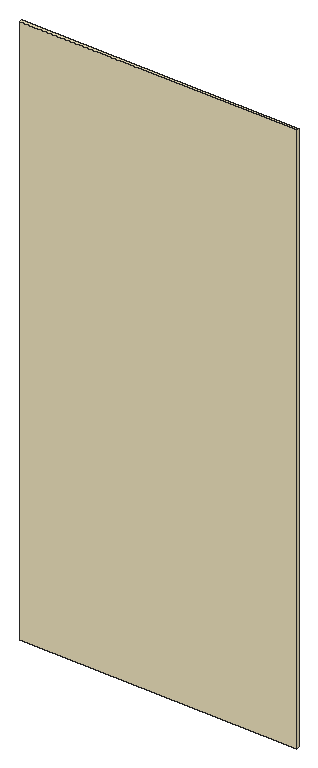
Revit family "American Oak Veneer Chevron", category Generic Models, Revit 2017
Family settings
  Can host rebar = No
  Round Connector Dimension = Use Diameter
  Part Type = Normal
  Work Plane-Based = No
  Always vertical = Yes
  Cut with Voids When Loaded = No
  Shared = Yes
  Room Calculation Point = No
Parameters (values of type "2400 x 1200")
  Raw Finish Code = "EX24 AO-CHE"  # constant formula
  Material = none
  URL = "https://www.easycraft.com.au/products/253/expression-series"
  Panel_width = 1200 mm  # constant formula
  Panel_thickness = 10 mm  # constant formula
  Model = "Expression Series - Chevron"  # constant formula
  Manufacturer = "Easycraft Australia Pty Ltd ph 07 3906 7200"  # constant formula
  Panel_height = 2400 mm  # constant formula
  Description = "American Oak Veneer"  # constant formula
  Clear Finish Code = "EX24 AO-CHE-CF"  # constant formula
  Assembly Code = ""
Reference planes
  plane 1 "Center (Front/Back)": y = 0
  plane 2: z = 0
  plane 3 "Center (Left/Right)": x = 0
  plane 4 "Panel face": y = -10
  plane 5: z = 2400
Forms (mm)
  Extrusion 1, solid, material "American Oak Veneer"
    sketch origin (0, 0, 0) x (1, 0, 0) y (0, 1, 0)
      loop
        line (0, 0) -> (0, -10) -> (1200, -10) -> (1200, 0) -> (0, 0)
    from 0 to 2400
Lines and regions (mm)
  model lines, style "easycraft expressions pattern"
    curve 1: line (1050.456, -10, 0) -> (1050.456, -10, 2400)
    curve 2: line (748.908, -10, 0) -> (748.908, -10, 2288.818)
    curve 3: line (450.864, -10, 0) -> (450.864, -10, 2288.818)
    curve 4: line (149.317, -10, 0) -> (149.317, -10, 2400)
    curve 5: line (1200, -10, 58.221) -> (1141.551, -10, 0)
    curve 6: line (959.361, -10, 0) -> (899.799, -10, 59.562)
    curve 7: line (899.799, -10, 59.562) -> (840.003, -10, 0)
    curve 8: line (661.317, -10, 0) -> (601.755, -10, 59.562)
    curve 9: line (601.755, -10, 59.562) -> (538.689, -10, 0)
    curve 10: line (359.769, -10, 0) -> (300.207, -10, 59.562)
    curve 11: line (300.207, -10, 59.562) -> (240.645, -10, 0)
    curve 12: line (58.222, -10, 0) -> (0, -10, 58.222)
    curve 13: line (300.207, -10, 2400) -> (300.207, -10, 0)
    curve 14: line (601.755, -10, 2400) -> (601.755, -10, 0)
    curve 15: line (899.799, -10, 2400) -> (899.799, -10, 0)
    curve 16: line (0, -10, 198.368) -> (149.317, -10, 49.051)
    curve 17: line (149.317, -10, 49.051) -> (300.207, -10, 199.708)
    curve 18: line (300.207, -10, 199.708) -> (450.864, -10, 49.051)
    curve 19: line (450.864, -10, 49.051) -> (601.755, -10, 199.708)
    curve 20: line (601.755, -10, 199.708) -> (748.908, -10, 49.051)
    curve 21: line (748.908, -10, 49.051) -> (899.799, -10, 199.708)
    curve 22: line (899.799, -10, 199.708) -> (1050.456, -10, 49.051)
    curve 23: line (1050.456, -10, 49.051) -> (1200, -10, 198.364)
    curve 24: line (1200, -10, 338.741) -> (1050.456, -10, 189.197)
    curve 25: line (1050.456, -10, 189.197) -> (899.799, -10, 340.088)
    curve 26: line (899.799, -10, 340.088) -> (748.908, -10, 189.197)
    curve 27: line (748.908, -10, 189.197) -> (601.755, -10, 340.088)
    curve 28: line (601.755, -10, 340.088) -> (450.864, -10, 189.197)
    curve 29: line (450.864, -10, 189.197) -> (300.207, -10, 340.088)
    curve 30: line (300.207, -10, 340.088) -> (149.317, -10, 189.197)
    curve 31: line (149.317, -10, 189.197) -> (0, -10, 338.746)
    curve 32: line (0, -10, 478.894) -> (149.317, -10, 329.577)
    curve 33: line (149.317, -10, 329.577) -> (300.207, -10, 480.234)
    curve 34: line (300.207, -10, 480.234) -> (450.864, -10, 329.577)
    curve 35: line (450.864, -10, 329.577) -> (601.755, -10, 480.234)
    curve 36: line (601.755, -10, 480.234) -> (748.908, -10, 329.577)
    curve 37: line (748.908, -10, 329.577) -> (899.799, -10, 480.234)
    curve 38: line (899.799, -10, 480.234) -> (1050.456, -10, 329.577)
    curve 39: line (1050.456, -10, 329.577) -> (1200, -10, 478.89)
    curve 40: line (1200, -10, 619.036) -> (1050.456, -10, 469.723)
    curve 41: line (1050.456, -10, 469.723) -> (899.799, -10, 620.38)
    curve 42: line (899.799, -10, 620.38) -> (748.908, -10, 469.723)
    curve 43: line (748.908, -10, 469.723) -> (601.755, -10, 620.38)
    curve 44: line (601.755, -10, 620.38) -> (450.864, -10, 469.723)
    curve 45: line (450.864, -10, 469.723) -> (300.207, -10, 620.38)
    curve 46: line (300.207, -10, 620.38) -> (149.317, -10, 469.723)
    curve 47: line (149.317, -10, 469.723) -> (0, -10, 619.04)
    curve 48: line (0, -10, 759.417) -> (149.317, -10, 609.869)
    curve 49: line (149.317, -10, 609.869) -> (300.207, -10, 760.759)
    curve 50: line (300.207, -10, 760.759) -> (450.864, -10, 609.869)
    curve 51: line (450.864, -10, 609.869) -> (601.755, -10, 760.759)
    curve 52: line (601.755, -10, 760.759) -> (748.908, -10, 609.869)
    curve 53: line (748.908, -10, 609.869) -> (899.799, -10, 760.759)
    curve 54: line (899.799, -10, 760.759) -> (1050.456, -10, 609.869)
    curve 55: line (1050.456, -10, 609.869) -> (1200, -10, 759.413)
    curve 56: line (1200, -10, 899.561) -> (1050.456, -10, 750.248)
    curve 57: line (1050.456, -10, 750.248) -> (899.799, -10, 900.905)
    curve 58: line (899.799, -10, 900.905) -> (748.908, -10, 750.248)
    curve 59: line (748.908, -10, 750.248) -> (601.755, -10, 900.905)
    curve 60: line (601.755, -10, 900.905) -> (450.864, -10, 750.248)
    curve 61: line (450.864, -10, 750.248) -> (300.207, -10, 900.905)
    curve 62: line (300.207, -10, 900.905) -> (149.317, -10, 750.248)
    curve 63: line (149.317, -10, 750.248) -> (0, -10, 899.565)
    curve 64: line (0, -10, 1039.711) -> (149.317, -10, 890.394)
    curve 65: line (149.317, -10, 890.394) -> (300.207, -10, 1041.051)
    curve 66: line (300.207, -10, 1041.051) -> (450.864, -10, 890.394)
    curve 67: line (450.864, -10, 890.394) -> (601.755, -10, 1041.051)
    curve 68: line (601.755, -10, 1041.051) -> (748.908, -10, 890.394)
    curve 69: line (748.908, -10, 890.394) -> (899.799, -10, 1041.051)
    curve 70: line (899.799, -10, 1041.051) -> (1050.456, -10, 890.394)
    curve 71: line (1050.456, -10, 890.394) -> (1200, -10, 1039.707)
    curve 72: line (1200, -10, 1179.853) -> (1050.456, -10, 1030.54)
    curve 73: line (1050.456, -10, 1030.54) -> (899.799, -10, 1181.197)
    curve 74: line (899.799, -10, 1181.197) -> (748.908, -10, 1030.54)
    curve 75: line (748.908, -10, 1030.54) -> (601.755, -10, 1181.197)
    curve 76: line (601.755, -10, 1181.197) -> (450.864, -10, 1030.54)
    curve 77: line (450.864, -10, 1030.54) -> (300.207, -10, 1181.197)
    curve 78: line (300.207, -10, 1181.197) -> (149.317, -10, 1030.54)
    curve 79: line (149.317, -10, 1030.54) -> (0, -10, 1179.857)
    curve 80: line (0, -10, 1320.235) -> (149.317, -10, 1170.686)
    curve 81: line (149.317, -10, 1170.686) -> (300.207, -10, 1321.577)
    curve 82: line (300.207, -10, 1321.577) -> (450.864, -10, 1170.686)
    curve 83: line (450.864, -10, 1170.686) -> (601.755, -10, 1321.577)
    curve 84: line (601.755, -10, 1321.577) -> (748.908, -10, 1170.686)
    curve 85: line (748.908, -10, 1170.686) -> (899.799, -10, 1321.577)
    curve 86: line (899.799, -10, 1321.577) -> (1050.456, -10, 1170.686)
    curve 87: line (1050.456, -10, 1170.686) -> (1200, -10, 1320.231)
    curve 88: line (1200, -10, 1460.379) -> (1050.456, -10, 1311.066)
    curve 89: line (1050.456, -10, 1311.066) -> (899.799, -10, 1461.723)
    curve 90: line (899.799, -10, 1461.723) -> (748.908, -10, 1311.066)
    curve 91: line (748.908, -10, 1311.066) -> (601.755, -10, 1461.723)
    curve 92: line (601.755, -10, 1461.723) -> (450.864, -10, 1311.066)
    curve 93: line (450.864, -10, 1311.066) -> (300.207, -10, 1461.723)
    curve 94: line (300.207, -10, 1461.723) -> (149.317, -10, 1311.066)
    curve 95: line (149.317, -10, 1311.066) -> (0, -10, 1460.383)
    curve 96: line (0, -10, 1600.529) -> (149.317, -10, 1451.212)
    curve 97: line (149.317, -10, 1451.212) -> (300.207, -10, 1601.869)
    curve 98: line (300.207, -10, 1601.869) -> (450.864, -10, 1451.212)
    curve 99: line (450.864, -10, 1451.212) -> (601.755, -10, 1601.869)
    curve 100: line (601.755, -10, 1601.869) -> (748.908, -10, 1451.212)
    curve 101: line (748.908, -10, 1451.212) -> (899.799, -10, 1601.869)
    curve 102: line (899.799, -10, 1601.869) -> (1050.456, -10, 1451.212)
    curve 103: line (1050.456, -10, 1451.212) -> (1200, -10, 1600.525)
    curve 104: line (1200, -10, 1737.198) -> (1050.456, -10, 1591.358)
    curve 105: line (1050.456, -10, 1591.358) -> (899.799, -10, 1738.511)
    curve 106: line (899.799, -10, 1738.511) -> (748.908, -10, 1591.358)
    curve 107: line (748.908, -10, 1591.358) -> (601.755, -10, 1738.511)
    curve 108: line (601.755, -10, 1738.511) -> (450.864, -10, 1591.358)
    curve 109: line (450.864, -10, 1591.358) -> (300.207, -10, 1738.511)
    curve 110: line (300.207, -10, 1738.511) -> (149.317, -10, 1591.358)
    curve 111: line (149.317, -10, 1591.358) -> (0, -10, 1737.202)
    curve 112: line (0, -10, 1877.58) -> (149.317, -10, 1731.504)
    curve 113: line (149.317, -10, 1731.504) -> (300.207, -10, 1878.891)
    curve 114: line (300.207, -10, 1878.891) -> (450.864, -10, 1731.504)
    curve 115: line (450.864, -10, 1731.504) -> (601.755, -10, 1878.891)
    curve 116: line (601.755, -10, 1878.891) -> (748.908, -10, 1731.504)
    curve 117: line (748.908, -10, 1731.504) -> (899.799, -10, 1878.891)
    curve 118: line (899.799, -10, 1878.891) -> (1050.456, -10, 1731.504)
    curve 119: line (1050.456, -10, 1731.504) -> (1200, -10, 1877.576)
    curve 120: line (1200, -10, 2017.724) -> (1050.456, -10, 1871.883)
    curve 121: line (1050.456, -10, 1871.883) -> (899.799, -10, 2019.036)
    curve 122: line (899.799, -10, 2019.036) -> (748.908, -10, 1871.883)
    curve 123: line (748.908, -10, 1871.883) -> (601.755, -10, 2019.036)
    curve 124: line (601.755, -10, 2019.036) -> (450.864, -10, 1871.883)
    curve 125: line (450.864, -10, 1871.883) -> (300.207, -10, 2019.036)
    curve 126: line (300.207, -10, 2019.036) -> (149.317, -10, 1871.883)
    curve 127: line (149.317, -10, 1871.883) -> (0, -10, 2017.728)
    curve 128: line (0, -10, 2157.842) -> (149.317, -10, 2008.526)
    curve 129: line (149.317, -10, 2008.526) -> (300.207, -10, 2159.182)
    curve 130: line (300.207, -10, 2159.182) -> (450.864, -10, 2008.526)
    curve 131: line (450.864, -10, 2008.526) -> (601.755, -10, 2159.182)
    curve 132: line (601.755, -10, 2159.182) -> (748.908, -10, 2008.526)
    curve 133: line (748.908, -10, 2008.526) -> (899.799, -10, 2159.182)
    curve 134: line (899.799, -10, 2159.182) -> (1050.456, -10, 2008.526)
    curve 135: line (1050.456, -10, 2008.526) -> (1200, -10, 2157.838)
    curve 136: line (1200, -10, 2297.984) -> (1050.456, -10, 2148.672)
    curve 137: line (1050.456, -10, 2148.672) -> (899.799, -10, 2299.328)
    curve 138: line (899.799, -10, 2299.328) -> (748.908, -10, 2148.672)
    curve 139: line (748.908, -10, 2148.672) -> (601.755, -10, 2299.328)
    curve 140: line (601.755, -10, 2299.328) -> (450.864, -10, 2148.672)
    curve 141: line (450.864, -10, 2148.672) -> (300.207, -10, 2299.328)
    curve 142: line (300.207, -10, 2299.328) -> (149.317, -10, 2148.672)
    curve 143: line (149.317, -10, 2148.672) -> (0, -10, 2297.988)
    curve 144: line (38.307, -10, 2400) -> (149.317, -10, 2288.818)
    curve 145: line (149.317, -10, 2288.818) -> (260.499, -10, 2400)
    curve 146: line (339.854, -10, 2400) -> (450.864, -10, 2288.818)
    curve 147: line (450.864, -10, 2288.818) -> (562.047, -10, 2400)
    curve 148: line (640.479, -10, 2400) -> (748.908, -10, 2288.818)
    curve 149: line (748.908, -10, 2288.818) -> (860.091, -10, 2400)
    curve 150: line (939.445, -10, 2400) -> (1050.456, -10, 2288.818)
    curve 151: line (1050.456, -10, 2288.818) -> (1161.638, -10, 2400)
Dimensions and locks
  "Panel_height": plane 5 to plane 2
  "Panel_thickness": plane 4 "Panel face" to plane 1 "Center (Front/Back)"
  "Panel_width": Extrusion 1 to plane 3 "Center (Left/Right)"
  aligned and locked: level to plane 2
  aligned and locked: Extrusion 1 to level
  aligned and locked: plane 4 "Panel face" to Extrusion 1
  aligned and locked: Extrusion 1 to plane 5
Automatic sketch dimensions
  Extrusion 1 sketch curve to plane 3 "Center (Left/Right)" = 0 mm
  plane 4 "Panel face" to Extrusion 1 sketch curve = 0 mm
  plane 1 "Center (Front/Back)" to Extrusion 1 sketch curve = 0 mm
  Extrusion 1 sketch curve to Extrusion 1 sketch curve = 1200 mm
  curve 48 to plane 3 "Center (Left/Right)" = 0 mm
  curve 111 to plane 3 "Center (Left/Right)" = 0 mm
  curve 112 to plane 3 "Center (Left/Right)" = 0 mm
  curve 95 to plane 3 "Center (Left/Right)" = 0 mm
  curve 64 to plane 3 "Center (Left/Right)" = 0 mm
  curve 96 to plane 3 "Center (Left/Right)" = 0 mm
  curve 32 to plane 3 "Center (Left/Right)" = 0 mm
  curve 63 to plane 3 "Center (Left/Right)" = 0 mm
  curve 31 to plane 3 "Center (Left/Right)" = 0 mm
  curve 128 to plane 3 "Center (Left/Right)" = 0 mm
  curve 127 to plane 3 "Center (Left/Right)" = 0 mm
  curve 47 to plane 3 "Center (Left/Right)" = 0 mm
  curve 143 to plane 3 "Center (Left/Right)" = 0 mm
  curve 79 to plane 3 "Center (Left/Right)" = 0 mm
  curve 80 to plane 3 "Center (Left/Right)" = 0 mm
  curve 16 to plane 3 "Center (Left/Right)" = 0 mm
  curve 12 to plane 3 "Center (Left/Right)" = 0 mm
  curve 12 to level = 0 mm
  curve 4 to level = 0 mm
  curve 11 to level = 0 mm
  curve 13 to level = 0 mm
  curve 10 to level = 0 mm
  curve 3 to level = 0 mm
  curve 9 to level = 0 mm
  curve 14 to level = 0 mm
  curve 8 to level = 0 mm
  curve 2 to level = 0 mm
  curve 7 to level = 0 mm
  curve 15 to level = 0 mm
  curve 6 to level = 0 mm
  curve 1 to plane 5 = 0 mm
  curve 1 to level = 0 mm
  curve 5 to level = 0 mm
  curve 151 to plane 5 = 0 mm
  plane 3 "Center (Left/Right)" to curve 126 = 149.317 mm
  plane 3 "Center (Left/Right)" to curve 29 = 300.207 mm
  curve 29 to curve 35 = 150.657 mm
  curve 76 to curve 67 = 0 mm
  curve 66 to curve 60 = 0 mm
  curve 82 to curve 76 = 0 mm
  plane 5 to curve 146 = 111.182 mm
  curve 76 to curve 67 = 150.891 mm
  curve 67 to curve 59 = 0 mm
  curve 126 to curve 107 = 452.438 mm
  curve 59 to curve 52 = 0 mm
  curve 124 to curve 107 = 0 mm
  curve 51 to curve 44 = 0 mm
  plane 5 to curve 139 = 100.672 mm
  curve 146 to curve 139 = 150.891 mm
  curve 75 to curve 67 = 0 mm
  curve 43 to curve 36 = 0 mm
  curve 35 to curve 28 = 0 mm
  curve 107 to curve 99 = 0 mm
  level to curve 20 = 199.708 mm
  curve 27 to curve 20 = 0 mm
  curve 147 to curve 139 = 39.708 mm
  curve 75 to curve 84 = 147.153 mm
  curve 84 to curve 75 = 0 mm
  curve 107 to curve 122 = 147.153 mm
  curve 90 to curve 84 = 0 mm
  curve 74 to curve 69 = 0 mm
  curve 68 to curve 59 = 0 mm
  curve 58 to curve 53 = 0 mm
  curve 52 to curve 43 = 0 mm
  curve 132 to curve 122 = 0 mm
  level to curve 27 = 189.197 mm
  curve 19 to curve 27 = 147.153 mm
  curve 100 to curve 90 = 0 mm
  curve 122 to curve 106 = 150.891 mm
  level to curve 26 = 340.088 mm
  curve 37 to curve 25 = 0 mm
  plane 5 to curve 138 = 100.672 mm
  curve 139 to curve 138 = 298.044 mm
  curve 100 to curve 90 = 150.891 mm
  curve 137 to curve 150 = 39.647 mm
  curve 41 to curve 37 = 0 mm
  curve 89 to curve 86 = 0 mm
  curve 85 to curve 74 = 0 mm
  curve 53 to curve 41 = 0 mm
  curve 57 to curve 53 = 0 mm
  plane 5 to curve 121 = 380.964 mm
  curve 132 to curve 121 = 150.891 mm
  curve 73 to curve 69 = 0 mm
  curve 53 to curve 57 = 150.657 mm
  curve 70 to curve 56 = 0 mm
  curve 105 to curve 119 = 150.657 mm
  curve 56 to curve 55 = 0 mm  (x2)
  curve 72 to curve 70 = 0 mm
  curve 86 to curve 72 = 0 mm
  level to curve 41 = 469.723 mm
  curve 54 to curve 41 = 0 mm
  curve 88 to curve 86 = 0 mm
  curve 102 to curve 88 = 0 mm
  plane 5 to curve 136 = 251.328 mm
  curve 121 to curve 136 = 150.657 mm
  level to curve 39 = 329.577 mm
  curve 40 to curve 39 = 0 mm  (x2)
  curve 19 to curve 34 = 129.869 mm
  curve 34 to curve 30 = 10.511 mm
  curve 19 to curve 27 = 140.38 mm
  curve 27 to curve 43 = 129.635 mm
  curve 25 to curve 38 = 140.146 mm
  curve 27 to curve 36 = 140.146 mm
  curve 42 to curve 53 = 140.146 mm
  curve 40 to curve 54 = 140.146 mm
  curve 37 to curve 42 = 140.146 mm
  curve 35 to curve 43 = 140.146 mm
  curve 43 to curve 61 = 129.869 mm
  curve 52 to curve 59 = 140.38 mm
  curve 54 to curve 57 = 140.38 mm
  curve 41 to curve 54 = 140.38 mm
  curve 43 to curve 51 = 140.38 mm
  curve 60 to curve 67 = 140.146 mm
  curve 56 to curve 71 = 140.146 mm  (x2)
  curve 58 to curve 69 = 140.146 mm
  curve 53 to curve 57 = 140.146 mm
  curve 51 to curve 59 = 140.146 mm
  curve 70 to curve 72 = 140.146 mm
  curve 66 to curve 77 = 140.146 mm
  curve 68 to curve 74 = 140.146 mm
  curve 57 to curve 70 = 140.146 mm
  curve 59 to curve 67 = 140.146 mm
  curve 72 to curve 87 = 140.146 mm
  curve 74 to curve 85 = 140.146 mm
  curve 76 to curve 83 = 140.146 mm
  curve 67 to curve 75 = 140.146 mm
  curve 69 to curve 74 = 140.146 mm
  curve 84 to curve 91 = 140.38 mm
  curve 86 to curve 89 = 140.38 mm
  curve 73 to curve 86 = 140.38 mm
  curve 88 to curve 102 = 140.146 mm
  curve 90 to curve 101 = 140.146 mm
  curve 85 to curve 90 = 140.146 mm
  curve 100 to curve 99 = 150.657 mm
  curve 102 to curve 118 = 280.292 mm
  curve 118 to curve 105 = 7.007 mm
  curve 99 to curve 108 = 136.642 mm
  curve 107 to curve 126 = 133.372 mm
  curve 107 to curve 122 = 133.372 mm
  curve 122 to curve 133 = 136.642 mm
  curve 132 to curve 123 = 10.511 mm
  plane 3 "Center (Left/Right)" to curve 12 = 58.222 mm
  plane 3 "Center (Left/Right)" to curve 48 = 149.317 mm
  curve 4 to curve 11 = 91.328 mm
  curve 126 to curve 114 = 150.891 mm
  curve 145 to curve 13 = 39.708 mm
  curve 145 to curve 146 = 79.355 mm
  curve 13 to curve 10 = 59.562 mm  (x2)
  curve 44 to curve 34 = 0 mm
  curve 3 to curve 9 = 87.825 mm
  curve 99 to curve 92 = 0 mm
  curve 14 to curve 8 = 59.562 mm  (x2)
  curve 107 to curve 100 = 0 mm
  curve 2 to curve 7 = 91.095 mm
  level to curve 22 = 199.708 mm
  curve 25 to curve 22 = 0 mm
  curve 15 to curve 6 = 59.562 mm  (x2)
  curve 120 to curve 118 = 0 mm
  curve 1 to curve 5 = 91.095 mm
  curve 1 to curve 151 = 111.182 mm
  plane 5 to curve 135 = 242.162 mm
  curve 136 to curve 135 = 149.544 mm
  level to curve 39 = 478.89 mm
  curve 40 to curve 39 = 149.544 mm
  curve 55 to curve 40 = 0 mm
  curve 71 to curve 56 = 0 mm
  plane 5 to curve 136 = 102.016 mm
  curve 151 to curve 136 = 38.362 mm
  plane 5 to curve 120 = 382.276 mm
  curve 135 to curve 120 = 0 mm
  level to curve 24 = 338.741 mm
  curve 39 to curve 24 = 0 mm
  level to curve 5 = 58.221 mm
  curve 5 to curve 5 = 58.449 mm
  plane 5 to curve 119 = 522.424 mm
  curve 120 to curve 119 = 0 mm
  curve 88 to curve 87 = 149.544 mm
  curve 88 to curve 87 = 0 mm
  curve 103 to curve 88 = 0 mm
  curve 72 to curve 71 = 0 mm
  curve 104 to curve 103 = 0 mm
  level to curve 23 = 198.364 mm
  curve 23 to curve 5 = 0 mm
  curve 3 to curve 18 = 49.051 mm
  curve 4 to curve 17 = 49.051 mm
  curve 19 to curve 18 = 0 mm
  curve 2 to curve 20 = 49.051 mm
  curve 21 to curve 20 = 0 mm
  curve 1 to curve 22 = 49.051 mm
  curve 16 to curve 17 = 0 mm
  curve 23 to curve 22 = 0 mm
  level to curve 12 = 58.222 mm
  curve 7 to curve 6 = 0 mm
  curve 9 to curve 8 = 0 mm
  curve 11 to curve 10 = 0 mm
  curve 18 to curve 28 = 140.146 mm
  curve 29 to curve 28 = 0 mm
  curve 17 to curve 30 = 140.146 mm
  curve 31 to curve 30 = 0 mm
  curve 22 to curve 25 = 140.146 mm
  curve 24 to curve 25 = 0 mm
  curve 12 to curve 16 = 140.146 mm
  curve 21 to curve 22 = 0 mm
  curve 10 to curve 17 = 140.146 mm
  curve 18 to curve 17 = 0 mm
  curve 30 to curve 33 = 140.38 mm
  curve 36 to curve 42 = 140.146 mm
  curve 37 to curve 36 = 0 mm
  curve 32 to curve 33 = 0 mm
  curve 16 to curve 31 = 140.377 mm
  curve 34 to curve 45 = 140.146 mm
  curve 33 to curve 46 = 140.146 mm  (x2)
  curve 47 to curve 46 = 0 mm
  curve 44 to curve 45 = 0 mm
  curve 31 to curve 32 = 140.148 mm
  curve 29 to curve 33 = 140.146 mm
  curve 34 to curve 33 = 0 mm
  curve 46 to curve 49 = 140.146 mm
  curve 44 to curve 50 = 140.146 mm
  curve 51 to curve 50 = 0 mm
  curve 48 to curve 49 = 0 mm
  curve 39 to curve 40 = 140.146 mm
  curve 32 to curve 47 = 140.146 mm
  curve 45 to curve 46 = 0 mm
  curve 49 to curve 63 = 140.38 mm
  curve 62 to curve 63 = 0 mm
  curve 40 to curve 55 = 140.377 mm
  curve 47 to curve 48 = 140.377 mm
  curve 46 to curve 50 = 140.38 mm
  curve 49 to curve 50 = 0 mm
  curve 63 to curve 65 = 140.146 mm
  curve 64 to curve 65 = 0 mm
  curve 55 to curve 56 = 140.148 mm
  curve 48 to curve 63 = 140.148 mm
  curve 49 to curve 61 = 140.146 mm
  curve 62 to curve 61 = 0 mm
  curve 64 to curve 78 = 140.146 mm
  curve 79 to curve 78 = 0 mm
  curve 63 to curve 64 = 140.146 mm
  curve 61 to curve 66 = 140.146 mm
  curve 65 to curve 66 = 0 mm
  curve 78 to curve 81 = 140.146 mm
  curve 80 to curve 81 = 0 mm
  curve 71 to curve 72 = 140.146 mm
  curve 64 to curve 79 = 140.146 mm
  curve 66 to curve 78 = 140.146 mm
  curve 77 to curve 78 = 0 mm
  curve 81 to curve 95 = 140.38 mm
  curve 82 to curve 93 = 140.38 mm
  curve 94 to curve 95 = 0 mm
  curve 92 to curve 93 = 0 mm
  curve 72 to curve 87 = 140.377 mm
  curve 79 to curve 80 = 140.377 mm
  curve 78 to curve 81 = 140.38 mm
  curve 82 to curve 81 = 0 mm
  curve 75 to curve 83 = 140.38 mm
  curve 84 to curve 83 = 0 mm
  curve 94 to curve 97 = 140.146 mm
  curve 93 to curve 98 = 140.146 mm  (x2)
  curve 99 to curve 98 = 0 mm
  curve 96 to curve 97 = 0 mm
  curve 87 to curve 88 = 140.148 mm
  curve 80 to curve 95 = 140.148 mm
  curve 82 to curve 94 = 140.146 mm
  curve 93 to curve 94 = 0 mm
  curve 91 to curve 99 = 140.146 mm
  curve 92 to curve 91 = 0 mm
  curve 97 to curve 111 = 140.146 mm
  curve 110 to curve 111 = 0 mm
  curve 98 to curve 109 = 140.146 mm
  curve 102 to curve 105 = 140.146 mm
  curve 100 to curve 106 = 140.146 mm
  curve 107 to curve 106 = 0 mm
  curve 108 to curve 109 = 0 mm
  curve 104 to curve 105 = 0 mm
  curve 88 to curve 103 = 140.146 mm
  curve 95 to curve 96 = 140.146 mm
  curve 102 to curve 105 = 136.642 mm
  curve 97 to curve 98 = 0 mm
  curve 101 to curve 102 = 0 mm
  curve 106 to curve 117 = 140.146 mm
  curve 108 to curve 115 = 140.146 mm
  curve 114 to curve 115 = 0 mm
  curve 110 to curve 113 = 140.146 mm
  curve 112 to curve 113 = 0 mm
  curve 116 to curve 117 = 0 mm
  curve 103 to curve 104 = 136.674 mm
  curve 96 to curve 111 = 136.673 mm
  curve 97 to curve 110 = 136.642 mm
  curve 109 to curve 110 = 0 mm
  curve 114 to curve 125 = 140.38 mm
  curve 118 to curve 121 = 140.38 mm
  curve 124 to curve 125 = 0 mm
  curve 120 to curve 121 = 0 mm
  curve 111 to curve 112 = 140.377 mm
  curve 118 to curve 121 = 140.146 mm
  curve 109 to curve 114 = 140.38 mm
  curve 113 to curve 114 = 0 mm
  curve 117 to curve 118 = 0 mm
  curve 115 to curve 123 = 140.146 mm
  curve 116 to curve 115 = 0 mm
  curve 120 to curve 135 = 136.642 mm
  curve 134 to curve 135 = 0 mm
  curve 124 to curve 131 = 136.642 mm
  curve 130 to curve 131 = 0 mm
  curve 126 to curve 129 = 136.642 mm
  curve 128 to curve 129 = 0 mm
  curve 112 to curve 127 = 140.148 mm
  curve 113 to curve 126 = 140.146 mm
  curve 125 to curve 126 = 0 mm
  curve 130 to curve 141 = 140.146 mm
  curve 132 to curve 139 = 140.146 mm
  curve 128 to curve 142 = 140.146 mm
  curve 143 to curve 142 = 0 mm
  curve 138 to curve 139 = 0 mm
  curve 140 to curve 141 = 0 mm
  curve 127 to curve 128 = 140.115 mm
  curve 121 to curve 134 = 140.146 mm
  curve 123 to curve 132 = 140.146 mm
  curve 126 to curve 129 = 140.146 mm
  curve 133 to curve 134 = 0 mm
  curve 131 to curve 132 = 0 mm
  curve 130 to curve 129 = 0 mm
  plane 5 to curve 150 = 111.182 mm
  curve 151 to curve 150 = 0 mm
  curve 145 to curve 4 = 111.182 mm
  curve 144 to curve 145 = 0 mm
  curve 149 to curve 148 = 0 mm
  plane 5 to curve 143 = 102.012 mm
  curve 142 to curve 13 = 100.672 mm
  curve 141 to curve 142 = 0 mm
  curve 149 to curve 15 = 39.708 mm
  curve 150 to plane 5 = 0 mm
  curve 3 to curve 146 = 0 mm
  curve 15 to plane 5 = 0 mm
  curve 149 to plane 5 = 0 mm
  curve 149 to curve 150 = 79.355 mm
  plane 5 to curve 148 = 111.182 mm
  curve 148 to plane 5 = 0 mm
  curve 14 to curve 148 = 38.725 mm
  curve 14 to plane 5 = 0 mm
  curve 147 to plane 5 = 0 mm
  curve 146 to plane 5 = 0 mm
  curve 13 to plane 5 = 0 mm
  curve 144 to plane 5 = 0 mm
  curve 145 to plane 5 = 0 mm
  curve 4 to plane 5 = 0 mm
  plane 3 "Center (Left/Right)" to curve 144 = 38.307 mm
  curve 92 to curve 83 = 0 mm
